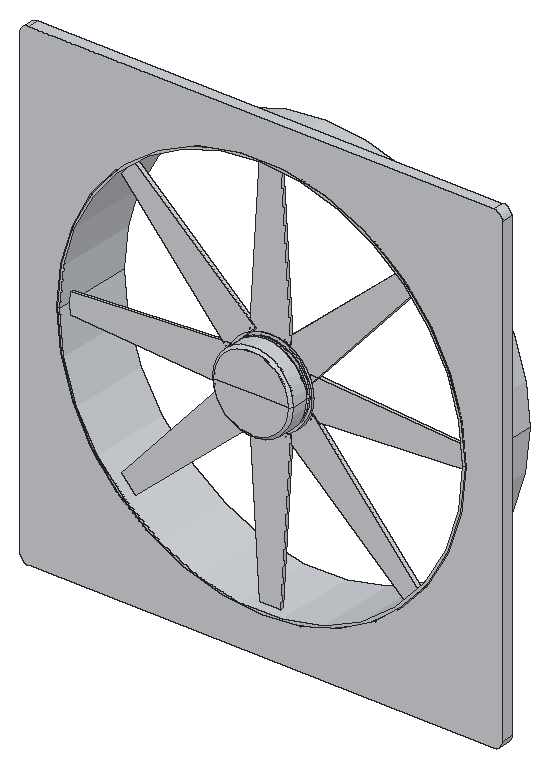
Revit family "CADS_Vent-Axia_MechEquip_Fan_ESP_1Ph6P - EXTRACT", category Mechanical Equipment, Revit 2020
Family settings
  Round Connector Dimension = Use Diameter
  Part Type = Normal
  OmniClass Number = 23.75.00.00
  OmniClass Title = Climate Control (HVAC)
  Work Plane-Based = No
  Always vertical = Yes
  Cut with Voids When Loaded = No
  Shared = No
  Room Calculation Point = No
Parameters (values of type "T100_ESP71016")
  nd = NominalDiameter  # 710 mm
  WorkingPressure = 0.0 Pa
  WarrantyStartDate [instance] = "1900-12-31T23:59:59"
  WarrantyPeriod = ""
  WarrantyIdentifier = "N/A"
  WarrantyGuarantorParts = "tech@vent-axia.com"
  WarrantyGuarantorLabor = "tech@vent-axia.com"
  WarrantyGuarantor = "Vent-Axia Limited"
  WarrantyEndDate [instance] = "1900-12-31T23:59:59"
  WarrantyContent = ""
  TemperatureRange = ""
  TagNumber [instance] = "N/A"
  SustainabilityPerformance = ""
  Status = "New"
  Size = ""
  Shape = ""
  ServiceLifeType = ""
  ServiceLifeDuration = ""
  SerialNumber [instance] = "N/A"
  ReplacementCost = ""
  RatedVoltage = 0 V
  RatedCurrent = 0 A
  Quantity = 1
  ProductionYear = ""
  PressureCurve = ""
  PowerFactor = ""
  PointOfContact = ""
  NumberOfPoles = 0
  NominalWidth = 850 mm
  NominalLength = 141 mm
  NominalHeight = 850 mm
  NominalFrequencyRange = ""
  NominalDiameter = 710 mm
  ModelReference = "AXIAL PLATE FAN 710DIA 1PH 6 POLE"
  ModelNumber = "T100_ESP71016"
  Material = ""
  ManufacturerE-Mail = "tech@vent-axia.com"
  ManufacturerAddress = "Fleming Way\nCrawley \nRH10 9YX"
  IsExtendedWarranty = no
  InsulationStandardClass = ""
  InstallationDate [instance] = "1900-12-31T23:59:59"
  IfcExportType [instance] = ""
  IfcExportAs = "IfcFanType"
  IP_Code = ""
  HasProtectiveEarth = no
  GrossWeight = 0.00 kg
  Grade = ""
  GlobalTradeItemNumber [instance] = "N/A"
  G = 20 mm
  Fitting Type = "Ignore"
  Finish = ""
  Features = ""
  ExteriorInsulation = no
  ExpectedServiceLife = 0
  Exclusions = ""
  E = 37 mm
  DurationUnit = "Year"
  Default Elevation = 0 mm
  Constituents = ""
  ConductorFunction = ""
  Color = ""
  CodePerformance = ""
  Category = ""
  CADS_Usage = 0
  CADS_Index = 0
  AssetType = "FIXED"
  AssetIdentifier [instance] = "N/A"
  AssemblyPlace = "UNKNOWN"
  ArticleNumber [instance] = "N/A"
  AirflowRateRange = 0.0 L/s
  Air Flow [instance] = 0.0 L/s
  AccessibilityPerformance = ""
  A = 850 mm
Types (5, lengths in mm): name | nd | NominalWidth | NominalLength | NominalHeight | NominalDiameter | ModelReference | ModelNumber | G | E | A
  T100_ESP35516 | 355 | 485 | 97 | 485 | 355 | "AXIAL PLATE FAN 355DIA 1PH 6 POLE" | "T100_ESP35516" | 21 | 86 | 485
  T100_ESP40016 | 400 | 540 | 100 | 540 | 400 | "AXIAL PLATE FAN 400DIA 1PH 6 POLE" | "T100_ESP40016" | 12 | 93 | 540
  T100_ESP40016B | 400 | 540 | 100 | 540 | 400 | "400MM 1PH 6P PLATE FAN FC040-6EQ.2F.A7 163383" | "T100_ESP40016B" | 12 | 93 | 540
  T100_ESP63016B | 630 | 805 | 139 | 805 | 630 | "630MM 1PH 6P PLATE FAN FC063-6EQ.4I.A7 169502" | "T100_ESP63016B" | 20 | 82 | 805
  T100_ESP71016 | 710 | 850 | 141 | 850 | 710 | "AXIAL PLATE FAN 710DIA 1PH 6 POLE" | "T100_ESP71016" | 20 | 37 | 850
Reference planes
  plane 1 "Center (Front/Back)": y = 0
  plane 2: z = 0
  plane 3 "Center (Left/Right)": x = 0
  plane 4: x = -355
  plane 5: x = 355
  plane 6 "F": y = -20
  plane 7 "B": y = 121
  plane 8: x = -425
  plane 9: x = -360
  plane 10 "top": z = 355
  plane 11: z = -355
  plane 12: x = 425
  plane 13: z = 425
  plane 14: z = -425
Forms (mm)
  Revolve 1, solid
    sketch origin (0, 0, 0) x (1, 0, 0) y (0, 1, 0)
      loop
        line (-360, -20) -> (-355, -20) -> (-355, 121) -> (-360, 121) -> (-360, -20)
      axis (0, 121) -> (0, -20)
    angle from 0 to 360
  Extrusion 2, solid
    sketch origin (0, 0, 0) x (1, 0, 0) y (0, 0, 1)
      loop
        arc (-410, 425) -> (-420.607, 420.607) -> (-425, 410) r 15
        line (-425, 410) -> (-425, -410)
        arc (-425, -410) -> (-420.607, -420.607) -> (-410, -425) r 15
        line (-410, -425) -> (410, -425)
        arc (410, -425) -> (420.607, -420.607) -> (425, -410) r 15
        line (425, -410) -> (425, 410)
        arc (425, 410) -> (420.607, 420.607) -> (410, 425) r 15
        line (410, 425) -> (-410, 425)
      loop
        circle (0, 0) r 360
    from 0 to 20 <- "G"
Dimensions and locks
  equal spacing: plane 4, plane 3 "Center (Left/Right)", plane 5
  "NominalLength": plane 7 "B" to plane 6 "F"
  "NominalDiameter": plane 4 to plane 5
  locked: plane 9 to plane 4 at 5
  equal spacing: plane 10 "top", level, plane 11
  "NominalDiameter": plane 10 "top" to plane 11
  equal spacing: plane 12, plane 3 "Center (Left/Right)", plane 8
  "A": plane 12 to plane 8
  equal spacing: plane 13, level, plane 14
  "A": plane 13 to plane 14
  "G": plane 6 "F" to plane 1 "Center (Front/Back)"
  aligned and locked: level to plane 2
  aligned and locked: Extrusion 2 sketch curve to Revolve 1  (x2)
Automatic sketch dimensions
  plane 6 "F" to Revolve 1 sketch curve = 0 mm
  Revolve 1 sketch curve to plane 4 = 0 mm
  Revolve 1 sketch curve to plane 3 "Center (Left/Right)" = 0 mm
  plane 1 "Center (Front/Back)" to Revolve 1 sketch curve = 0 mm
  Revolve 1 sketch curve to plane 7 "B" = 0 mm
  plane 6 "F" to Revolve 1 sketch curve = 115 mm
  Revolve 1 sketch curve to plane 9 = 0 mm
  Extrusion 2 sketch curve to plane 8 = 0 mm
  Extrusion 2 sketch curve to plane 13 = 0 mm
  Extrusion 2 sketch curve to plane 14 = 0 mm
  plane 12 to Extrusion 2 sketch curve = 0 mm
  plane 8 to Extrusion 2 sketch curve = 15 mm  (x2)
  plane 12 to Extrusion 2 sketch curve = 15 mm  (x2)
Nested families
  nested 1: "Fan for ESP" at (0, 0, 0), ND <- "NominalDiameter", BE <- "E", type "Fan for ESP"
    with hub 71 mm, ND 710 mm, BoltPCD 56.8 mm, Bolt Count 8, B_Diam 10 mm, BE 37 mm
  nested 2: "ESC Blade" at (0, 0, 0), type "ESC Blade"
    with a 20.00°, HR 71 mm, HD 142 mm, BT 35.5 mm, BR 284 mm, BH 40 mm, BD 710 mm, BB 71 mm
  nested 3: "ESC Blade" at (0, 0, 0) x (0.7071, 0, -0.7071) z (0.7071, 0, 0.7071), type "ESC Blade"
    with a 20.00°, HR 71 mm, HD 142 mm, BT 35.5 mm, BR 284 mm, BH 40 mm, BD 710 mm, BB 71 mm
  nested 4: "ESC Blade" at (0, 0, 0) x (0, 0, -1) z (1, 0, 0), type "ESC Blade"
    with a 20.00°, HR 71 mm, HD 142 mm, BT 35.5 mm, BR 284 mm, BH 40 mm, BD 710 mm, BB 71 mm
  nested 5: "ESC Blade" at (0, 0, 0) x (-0.7071, 0, -0.7071) z (0.7071, 0, -0.7071), type "ESC Blade"
    with a 20.00°, HR 71 mm, HD 142 mm, BT 35.5 mm, BR 284 mm, BH 40 mm, BD 710 mm, BB 71 mm
  nested 6: "ESC Blade" at (0, 0, 0) x (-1, 0, 0) z (0, 0, -1), type "ESC Blade"
    with a 20.00°, HR 71 mm, HD 142 mm, BT 35.5 mm, BR 284 mm, BH 40 mm, BD 710 mm, BB 71 mm
  nested 7: "ESC Blade" at (0, 0, 0) x (-0.7071, 0, -0.7071) z (-0.7071, 0, 0.7071), type "ESC Blade"
    with a 20.00°, HR 71 mm, HD 142 mm, BT 35.5 mm, BR 284 mm, BH 40 mm, BD 710 mm, BB 71 mm
  nested 8: "ESC Blade" at (0, 0, 0) x (0, 0, -1) z (-1, 0, 0), type "ESC Blade"
    with a 20.00°, HR 71 mm, HD 142 mm, BT 35.5 mm, BR 284 mm, BH 40 mm, BD 710 mm, BB 71 mm
  nested 9: "ESC Blade" at (0, 0, 0) x (0.7071, 0, -0.7071) z (-0.7071, 0, -0.7071), type "ESC Blade"
    with a 20.00°, HR 71 mm, HD 142 mm, BT 35.5 mm, BR 284 mm, BH 40 mm, BD 710 mm, BB 71 mm
Connectors
  hvac at (0, -20, 0), driven by "NominalDiameter", driven by "Air Flow"
    settings: on Revolve 1, index 1, duct flow 0.0 L/s, flow factor 0, pres drop 0.0 Pa, loss coef 0, conn angle 0.00°, conn width 304.8 mm, conn height 304.8 mm, conn diameter 710 mm, duct sys type 2, conn prof type 0, flow config 0, flow direction 1, loss method 0, conn ref index -1, conn util no, is conn primary yes, conn desc ""
  hvac at (0, 121, 0), driven by "NominalDiameter", driven by "Air Flow"
    settings: on Revolve 1, index 2, duct flow 0.0 L/s, flow factor 0, pres drop 0.0 Pa, loss coef 0, conn angle 0.00°, conn width 304.8 mm, conn height 304.8 mm, conn diameter 710 mm, duct sys type 3, conn prof type 0, flow config 1, flow direction 2, loss method 0, conn ref index -1, conn util no, is conn primary no, conn desc ""
Definition of nested family "Fan for ESP"
  Parameters (values of type "Fan for ESP")
    hub [instance] = ND / 10  # 25.1 mm
    ND [instance] = 251 mm
    Model = "."
    Default Elevation = 0 mm
    BoltPCD [instance] = hub - (hub * 0.2)  # 20.08 mm
    Bolt Count [instance] = if(hub < 50 mm, 6, 8)  # 6
    B_Diam [instance] = if(hub < 50 mm, 5 mm, 10 mm)  # 5 mm
    BE [instance] = 84 mm
  Reference planes
    plane 1 "Center (Front/Back)": y = 0
    plane 2: z = 0
    plane 3 "Center (Left/Right)": x = 0
    plane 4 "back": y = 20
    plane 5 "boss": y = -89
    plane 6 "B": z = 25.1
    plane 7: x = -30.1
    plane 8: x = -25.1
    plane 9 "hubface": y = -5
    plane 10: x = -20.1
    plane 11: y = -84
  Forms (mm)
    Revolve 1, solid
      sketch origin (0, 0, 0) x (1, 0, 0) y (0, 1, 0)
        loop
          line (0, -5) -> (0, 10.504) -> (-30.1, 10.504) -> (-30.1, -2.597) -> (-25.1, -2.597) -> (-25.1, -5) -> (0, -5)
        axis (0, 10.504) -> (0, -5)
      angle from 0 to 360
    Extrusion 2, solid, not visible
      sketch origin (0, -6.347, -4) x (-1, 0, 0) y (0, 0, 1)
        loop
          circle (0, 84) r 5
      from 0 to 3
    Revolve 3, solid
      sketch origin (0, 0, 0) x (1, 0, 0) y (0, 1, 0)
        loop
          line (-20.1, -5) -> (-25.1, -10) -> (-25.1, -84) -> (-20.1, -89) -> (0, -89) -> (0, -5) -> (-20.1, -5)
        axis (0, -5) -> (0, -89)
      angle from 0 to 360
  Lines and regions (mm)
    symbolic lines
      curve 1: circle (0, -89, 0) r 20.08 normal (0, 1, 0)
    model lines, not visible
      curve 2: line (0, -6.347, 85) -> (0, -6.347, 75)
  Dimensions and locks
    "hub": plane 6 "B" to plane 2
    "hub": nested 3 to plane 3 "Center (Left/Right)"
    "hub": nested 4 to plane 3 "Center (Left/Right)"
    "hub": nested 5 to plane 3 "Center (Left/Right)"
    "hub": plane 3 "Center (Left/Right)" to nested 6
    "hub": plane 3 "Center (Left/Right)" to nested 7
    "hub": plane 3 "Center (Left/Right)" to nested 8
    "hub": plane 3 "Center (Left/Right)" to nested 9
    "hub": plane 8 to plane 3 "Center (Left/Right)"
    plane 7 to plane 8 = 5 mm
    "BE": plane 5 "boss" to plane 9 "hubface"
    locked: plane 11 to plane 5 "boss" at 5
    plane 8 to plane 10 = 5 mm
    locked: plane 9 "hubface" to plane 1 "Center (Front/Back)" at 5
    diameter of Extrusion 2 sketch curve = 10 mm
    "BoltPCD": radius of curve 1
    aligned and locked: level to plane 2
    aligned and locked: plane 6 "B" to nested 1
  Automatic sketch dimensions
    Revolve 1 sketch curve to plane 7 = 0 mm
    Revolve 1 sketch curve to plane 8 = 0 mm
    Revolve 1 sketch curve to plane 3 "Center (Left/Right)" = 0 mm  (x2)
    Revolve 1 sketch curve to plane 9 "hubface" = 0 mm
    plane 1 "Center (Front/Back)" to Revolve 1 sketch curve = 2.597 mm
    plane 4 "back" to Revolve 1 sketch curve = 5 mm
    plane 4 "back" to Revolve 1 sketch curve = 9.496 mm
    Revolve 1 sketch curve to Revolve 1 sketch curve = 54.496 mm
    Revolve 3 sketch curve to plane 8 = 0 mm
    Revolve 3 sketch curve to plane 5 "boss" = 0 mm
    Revolve 3 sketch curve to plane 10 = 0 mm  (x2)
    Revolve 3 sketch curve to plane 9 "hubface" = 0 mm
    Revolve 3 sketch curve to plane 3 "Center (Left/Right)" = 0 mm  (x2)
    Revolve 3 sketch curve to plane 11 = 0 mm
    Revolve 3 sketch curve to plane 9 "hubface" = 5 mm
    plane 4 "back" to Revolve 3 sketch curve = 4.08 mm
    Revolve 3 sketch curve to plane 4 "back" = 3.828 mm
    curve 1 to level = 0 mm
    curve 1 to plane 3 "Center (Left/Right)" = 0 mm
  Nested families
    nested 1: "ESC Blade" at (0, 0, 0), BD <- "ND", HD <- "hub", type "ESC Blade"
      with a 20.00°, HR 25.1 mm, HD 50.2 mm, BT 12.55 mm, BR 100.4 mm, BH 40 mm, BD 251 mm, BB 25.1 mm
    nested 2: "ESC Blade" at (0, 0, 755), BD <- "ND", HD <- "hub", type "ESC Blade", not visible
      with a 20.00°, HR 25.1 mm, HD 50.2 mm, BT 12.55 mm, BR 100.4 mm, BH 40 mm, BD 251 mm, BB 25.1 mm
    nested 3: "ESC Blade" at (0, 0, 0) x (0.7071, 0, -0.7071) z (0.7071, 0, 0.7071), BD <- "ND", HD <- "hub", type "ESC Blade"
      with a 20.00°, HR 25.1 mm, HD 50.2 mm, BT 12.55 mm, BR 100.4 mm, BH 40 mm, BD 251 mm, BB 25.1 mm
    nested 4: "ESC Blade" at (0, 0, 0) x (0, 0, -1) z (1, 0, 0), BD <- "ND", HD <- "hub", type "ESC Blade"
      with a 20.00°, HR 25.1 mm, HD 50.2 mm, BT 12.55 mm, BR 100.4 mm, BH 40 mm, BD 251 mm, BB 25.1 mm
    nested 5: "ESC Blade" at (0, 0, 0) x (-0.7071, 0, -0.7071) z (0.7071, 0, -0.7071), BD <- "ND", HD <- "hub", type "ESC Blade"
      with a 20.00°, HR 25.1 mm, HD 50.2 mm, BT 12.55 mm, BR 100.4 mm, BH 40 mm, BD 251 mm, BB 25.1 mm
    nested 6: "ESC Blade" at (0, 0, 0) x (-1, 0, 0) z (0, 0, -1), BD <- "ND", HD <- "hub", type "ESC Blade"
      with a 20.00°, HR 25.1 mm, HD 50.2 mm, BT 12.55 mm, BR 100.4 mm, BH 40 mm, BD 251 mm, BB 25.1 mm
    nested 7: "ESC Blade" at (0, 0, 0) x (-0.7071, 0, -0.7071) z (-0.7071, 0, 0.7071), BD <- "ND", HD <- "hub", type "ESC Blade"
      with a 20.00°, HR 25.1 mm, HD 50.2 mm, BT 12.55 mm, BR 100.4 mm, BH 40 mm, BD 251 mm, BB 25.1 mm
    nested 8: "ESC Blade" at (0, 0, 0) x (0, 0, -1) z (-1, 0, 0), BD <- "ND", HD <- "hub", type "ESC Blade"
      with a 20.00°, HR 25.1 mm, HD 50.2 mm, BT 12.55 mm, BR 100.4 mm, BH 40 mm, BD 251 mm, BB 25.1 mm
    nested 9: "ESC Blade" at (0, 0, 0) x (0.7071, 0, -0.7071) z (-0.7071, 0, -0.7071), BD <- "ND", HD <- "hub", type "ESC Blade"
      with a 20.00°, HR 25.1 mm, HD 50.2 mm, BT 12.55 mm, BR 100.4 mm, BH 40 mm, BD 251 mm, BB 25.1 mm
  Definition of nested family "ESC Blade"
    Parameters (values of type "ESC Blade")
      a [instance] = 20.00°
      HR [instance] = HD / 2  # 30 mm
      HD [instance] = BD / 5  # 60 mm
      Default Elevation = 1219.2 mm
      BT [instance] = BD / 20  # 15 mm
      BR [instance] = (BD / 2) - HR  # 120 mm
      BH [instance] = 40 mm
      BD [instance] = 300 mm
      BB [instance] = BD / 10  # 30 mm
    Reference planes
      plane 1 "Center (Front/Back)": y = 0
      plane 2: z = 0
      plane 3 "Center (Left/Right)": x = 0
      plane 4 "Blade Bot": z = 30
      plane 5: x = -15
      plane 6: x = 15
      plane 7: x = -7.5
      plane 8: x = 7.5
    Forms (mm)
      Blend 1, solid
        base sketch origin (0, 0, 30) x (-1, 0, 0) y (0, -1, 0)
          loop
            line (15, 0) -> (-15, 0) -> (-15, -6) -> (15, -6) -> (15, 0)
        top sketch origin (0, 0, 30) x (-1, 0, 0) y (0, -1, 0)
          loop
            line (7.5, -6) -> (7.5, 0) -> (-7.5, 0) -> (-7.5, -6) -> (7.5, -6)
        from 0 to 120 <- "BR"
    Dimensions and locks
      "HR": plane 4 "Blade Bot" to level
      equal spacing: plane 8, plane 3 "Center (Left/Right)", plane 7
      "BT": plane 8 to plane 7
      equal spacing: plane 6, plane 3 "Center (Left/Right)", plane 5
      "BB": plane 6 to plane 5
      aligned and locked: level to plane 2
    Automatic sketch dimensions
      plane 1 "Center (Front/Back)" to Blend 1 sketch curve = 0 mm  (x2)
      Blend 1 sketch curve to plane 6 = 0 mm
      Blend 1 sketch curve to plane 5 = 0 mm
      Blend 1 sketch curve to plane 1 "Center (Front/Back)" = 6 mm  (x2)
      Blend 1 sketch curve to plane 8 = 0 mm
      Blend 1 sketch curve to plane 7 = 0 mm
Definition of nested family "ESC Blade"
  Parameters (values of type "ESC Blade")
    a [instance] = 20.00°
    HR [instance] = HD / 2  # 30 mm
    HD [instance] = BD / 5  # 60 mm
    Default Elevation = 1219.2 mm
    BT [instance] = BD / 20  # 15 mm
    BR [instance] = (BD / 2) - HR  # 120 mm
    BH [instance] = 40 mm
    BD [instance] = 300 mm
    BB [instance] = BD / 10  # 30 mm
  Reference planes
    plane 1 "Center (Front/Back)": y = 0
    plane 2: z = 0
    plane 3 "Center (Left/Right)": x = 0
    plane 4 "Blade Bot": z = 30
    plane 5: x = -15
    plane 6: x = 15
    plane 7: x = -7.5
    plane 8: x = 7.5
  Forms (mm)
    Blend 1, solid
      base sketch origin (0, 0, 30) x (-1, 0, 0) y (0, -1, 0)
        loop
          line (15, 0) -> (-15, 0) -> (-15, -6) -> (15, -6) -> (15, 0)
      top sketch origin (0, 0, 30) x (-1, 0, 0) y (0, -1, 0)
        loop
          line (7.5, -6) -> (7.5, 0) -> (-7.5, 0) -> (-7.5, -6) -> (7.5, -6)
      from 0 to 120 <- "BR"
  Dimensions and locks
    "HR": plane 4 "Blade Bot" to level
    equal spacing: plane 8, plane 3 "Center (Left/Right)", plane 7
    "BT": plane 8 to plane 7
    equal spacing: plane 6, plane 3 "Center (Left/Right)", plane 5
    "BB": plane 6 to plane 5
    aligned and locked: level to plane 2
  Automatic sketch dimensions
    plane 1 "Center (Front/Back)" to Blend 1 sketch curve = 0 mm  (x2)
    Blend 1 sketch curve to plane 6 = 0 mm
    Blend 1 sketch curve to plane 5 = 0 mm
    Blend 1 sketch curve to plane 1 "Center (Front/Back)" = 6 mm  (x2)
    Blend 1 sketch curve to plane 8 = 0 mm
    Blend 1 sketch curve to plane 7 = 0 mm
